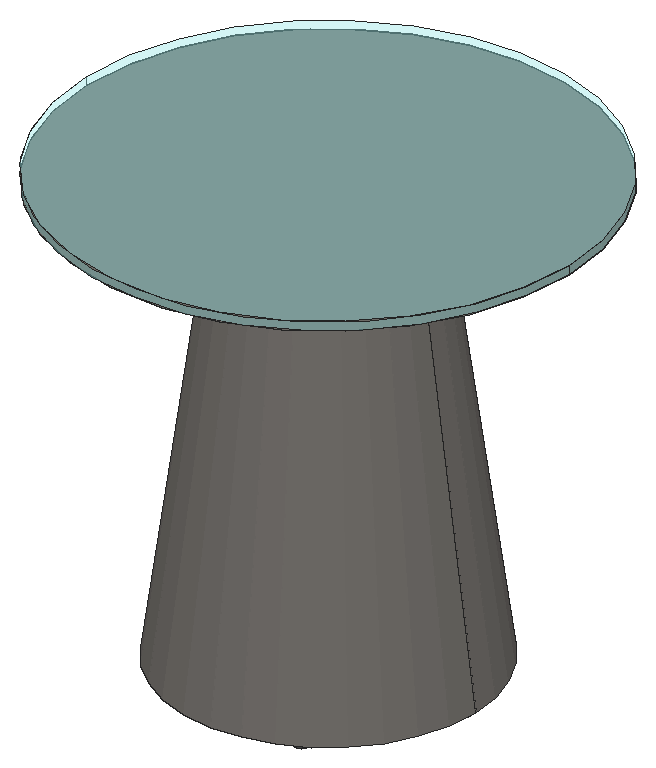
Revit family "revitupgrade", category Furniture, Revit 2019
Family settings
  Work Plane-Based = No
  Always vertical = Yes
  Cut with Voids When Loaded = No
  Shared = No
  Room Calculation Point = No
Parameters (values of type "with Glass")
  URL = "https://www.steelcase.com"
  Top = Steelcase Turnstone - Campfire - Paper Table - Top : Glass Top
  Symbol Name = "TS4TPTA3"
  Style Number(s) = "TS4TPT"
  Release Date = "April 2018"  # constant formula
  Product Line = "Turnstone"  # constant formula
  Product = "Campfire"  # constant formula
  Opaque [instance] = yes
  Manufacturer = "Steelcase"  # constant formula
  Draw in Foreground [instance] = yes
  Description = ""
  Copyright = "© 2010 Steelcase Inc."  # constant formula
  Base [instance] = Steelcase - 2536 Blackwood
  AutoCAD Tag = "25"
  Authoring Version = "Revit 2016"  # constant formula
  Assembly Code = "E2020200"
Types (2): name | Top | Symbol Name
  with Paper | Steelcase Turnstone - Campfire - Paper Table - Top : Paper Top | "TS4TPT"
  with Glass | Steelcase Turnstone - Campfire - Paper Table - Top : Glass Top | "TS4TPTA3"
Reference planes (in)
  plane 1 "Center Front/Back": y = 0
  plane 2 "Bottom": z = 0
  plane 3 "Center Left/Right": x = 0
Forms (in)
  Blend 1, solid, material "Steelcase - 2536 Blackwood" <- "Base"
    base sketch origin (0, 0, 0) x (1, 0, 0) y (0, 1, 0)
      loop
        circle (0, 0) r 7.532
    top sketch origin (0, 0, 0) x (1, 0, 0) y (0, 1, 0)
      loop
        circle (0, 0) r 5
    from 0.219 to 18.473
  Blend 2, solid, material "Steelcase - 2536 Blackwood" <- "Base"
    base sketch origin (0, 0, 0) x (1, 0, 0) y (0, 1, 0)
      loop
        circle (0, 0) r 5
    top sketch origin (0, 0, 0) x (1, 0, 0) y (0, 1, 0)
      loop
        circle (0, 0) r 12.3395
    from 18.473 to 22.01264
  Extrusion 3, solid, material "Steelcase - 6205 Black"
    sketch origin (0, 0, 0) x (1, 0, 0) y (0, 1, 0)
      loop
        circle (-3.45, 5.976) r 0.375
      loop
        circle (3.45, 5.976) r 0.375
      loop
        circle (6.9, 0) r 0.375
      loop
        circle (3.45, -5.97515) r 0.375
      loop
        circle (-3.45, -5.97515) r 0.375
      loop
        circle (-6.9, 0) r 0.375
    from 0 to 0.219
Lines and regions (in)
  Masking region 1, visible <- "Opaque"
    outline origin (50, 0, 0) x (1, 0, 0) y (0, 1, 0)
      loop
        circle (-50, 0) r 12.3395
  symbolic lines, style "Steelcase Furniture", built-in parameter 1006206 <- "Draw in Foreground"
    curve 1: circle (0, 0, 0) r 12.3395 normal (0, 0, 1)
  symbolic lines, style "Steelcase Hidden Lines", built-in parameter 1006206 <- "Draw in Foreground", detail levels medium+fine
    curve 2: circle (0, 0, 0) r 7.532 normal (0, 0, 1)
    curve 3: circle (3.45, 5.976, 0) r 0.375 normal (0, 0, 1)
    curve 4: circle (-3.45, 5.976, 0) r 0.375 normal (0, 0, 1)
    curve 5: circle (-6.9, 0, 0) r 0.375 normal (0, 0, 1)
    curve 6: circle (-3.45, -5.97515, 0) r 0.375 normal (0, 0, 1)
    curve 7: circle (3.45, -5.97515, 0) r 0.375 normal (0, 0, 1)
    curve 8: circle (6.9, 0, 0) r 0.375 normal (0, 0, 1)
Dimensions and locks (in)
  aligned and locked: level to plane 2 "Bottom"
Nested families (in)
  nested 1: "Steelcase Turnstone - Campfire - Paper Table - Top" at (0, 0, 0), type <- "Top", type "Glass Top"
    with Opaque yes
Definition of nested family "Steelcase Turnstone - Campfire - Paper Table - Top"
  Parameters (values of type "Glass Top")
    URL = "https://www.steeelcase.com"
    Top Paper = no
    Top Glass = yes
    Top = none
    Symbol Name = "TS4PTG"
    Style Number(s) = "TS4TPTG"
    Release Date = "April 2018"  # constant formula
    Product Line = "Turnstone"  # constant formula
    Product = "Campfire"  # constant formula
    Opaque [instance] = yes
    Manufacturer = "Steelcase"  # constant formula
    Description = ""
    Copyright = "© 2010 Steelcase Inc."  # constant formula
    AutoCAD Tag = "25"
    Authoring Version = "Revit 2016"  # constant formula
    Assembly Code = "E2020200"
  Types (2): name | URL | Top Paper | Top Glass | Symbol Name | Style Number(s)
    Paper Top | "https://www.steelcase.com" | yes | no | "TS4PTP" | "TS4TPTP"
    Glass Top | "https://www.steeelcase.com" | no | yes | "TS4PTG" | "TS4TPTG"
  Reference planes (in)
    plane 1 "Center Front/Back": y = 0
    plane 2 "Bottom": z = 0
    plane 3 "Center Left/Right": x = 0
  Forms (in)
    Extrusion 1, solid, material <- "Top", visible <- "Top Glass"
      sketch origin (0, 0, 0) x (1, 0, 0) y (0, 1, 0)
        loop
          circle (0, 0) r 12.3395
      from 22.01264 to 22.429
    Extrusion 2, solid, material <- "Top", visible <- "Top Paper"
      sketch origin (0, 0, 0) x (1, 0, 0) y (0, 1, 0)
        loop
          circle (0, 0) r 12.3395
      from 22.01264 to 22.429
  Lines and regions (in)
    Masking region 1, visible <- "Opaque"
      outline origin (50, 0, 0) x (1, 0, 0) y (0, 1, 0)
        loop
          circle (-50, 0) r 12.3395
    symbolic lines
      curve 1: circle (0, 0, 0) r 12.3395 normal (0, 0, 1)
  Dimensions and locks (in)
    aligned and locked: level to plane 2 "Bottom"
